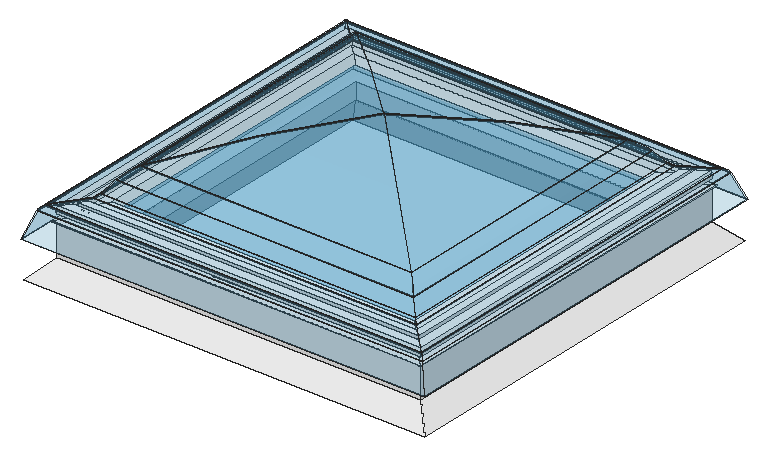
Revit family "CXP_Ver.2.5", category Windows, host Roof, Revit 2014
Parameters (values of type "CXP size 1000x1000 (100100)")
  g-value = "0.53"
  ZCE Visible = no
  ZCE Height = if(ZCE Visible, 160.00 mm, 0.00 mm)  # 0.00 mm
  Youtube clip = ""
  Within Standard Sizes = or(and(Width = 1180.00 mm, Height = 1180.00 mm), and(Width = 1380.00 mm, Height = 1080.00 mm), and(Width = 1380.00 mm, Height = 1380.00 mm))  # yes
  WindowArea m² = 2.08
  Window Opening Angle = if(Open Window, 60.00°, 0.00°)  # 0.00°
  Width Dome = Width - 180.00 mm  # 1000.00 mm
  Width = 1180.00 mm
  Water Tightness Class = "Passed"
  WarrantyStartDate = ""
  WarrantyGuarantorParts = ""
  WarrantyGuarantorLabour = ""
  WarrantyDurationParts = ""
  WarrantyDurationLabour = ""
  WarrantyDescription = ""
  Warranty Years = "10"
  VELUX Internal accessories = ""
  VELUX Installation products = ""
  VELUX External accessories = ""
  Ultraviolet Transmittance = "0.05"
  URL = "www.velux.com"
  ThermalTransmittance(window) W/(m²K) = 0.72
  ThermalTransmittance(glazing) W/(m²K) = 0.9
  ThermalTransmittance = "0.72"
  ThermalBridge(Installation) W/mK = 0.05
  Thermal Resistance (R) = "1.38888888888889"
  Technical description = "http://www.velux.co.uk/professional/products/flat-roof-windows/flat-roof-windows-dome/technical-details-exit"
  TagNumber = ""
  SustainabilityPerformance = ""
  Specification Link = ""
  Sound Insulation db = "37"
  SmokeStop = no
  Size = "CXP size 1000x1000 (100100)"
  Shape = ""
  ServiceLifeType = ""
  ServiceLifeDuration = ""
  SerialNumber = ""
  SecurityRating = ""
  Rough Width = 0.00 mm
  Rough Height = 0.00 mm
  ReplacementCost = ""
  ReferenceStandard = "www.velux.com/ce"
  Reference = ""
  ProductionYear = ""
  Product certification = "www.velux.com/ce"
  Process = ""
  Placement Height = 0.00 mm
  PerimeterWindow m = 4
  Operation Mode = "0"
  Opening Lines = yes
  Open Window = no
  Offset from Roof = Placement Height + 400.00 mm  # 400.00 mm
  NominalWidth = "1180"
  NominalLength = ""
  NominalHeight = "1180"
  ModelReference = "CXP size 1000x1000 (100100)"
  ModelLabel = ""
  Model = "Flat roof window - CXP"
  MethodOfMeasurement = ""
  Material Internal = PVC Color NCS S 0502-Y
  Material External = Acrylic/PVC Color NCS S 0502-Y
  Material = "Acrylic/PVC Color NCS S 0502-Y"
  Manufacturer URL = "VELUX A/S"
  Manufacturer = "VELUX A/S"  # constant formula
  Light transmittance = "0.72"
  LifeCyclePhase = ""
  Labeling - Environmental impact = ""
  IsExternal = yes
  InstallationDate = ""
  Installation instructions = "http://www.velux.co.uk/professional/products/installation-instructions#Flat roof windows"
  Infiltration = ""
  Height Dome = Height - 180.00 mm  # 1000.00 mm
  Height = 1180.00 mm
  Half Width = (Width / 2) - 2.51 mm  # 587.49 mm
  Half Height = (Height / 2) - 2.51 mm  # 587.49 mm
  Grade = ""
  GlazingAreaFraction = ""
  Glazing = 73FQT + ISD 0000
  GlassArea m² = 1.05
  Function = "Exit flat roof window"
  FireRating = "E"
  Finish = "PVC Color NCS S 0502-Y"
  Features = "Exit flat roof window"
  Emergency Exit = no
  Dome Profile Length = if((Half Width < Half Height), Half Width, Half Height)  # 587.49 mm
  Documentation = "http://www.professional.velux.co.uk/en-GB/Documents/Technical%20Specification%20sheets/V22%20Architects%20sheets%20updated/VELUX-Architects_CXP_Flat-Roof%20Exit-April2014.pdf"
  DocumentReference = ""
  Disclaimer = "When installing VELUX roof windows the costumer must make sure to meet local applicable building and fire requirements. VELUX shall not be liable for the objects/drawings and the constructional quality of the installation. Please contact VELUX for technical specifications of VELUX roof windows, flashings, installations products and internal/external accessories."
  Description = "http://www.velux.co.uk/products/flat-roof-windows/flat-roof-windows-dome"
  Date of publishing = ""
  Count = "1"
  Copyright = "VELUX A/S"  # constant formula
  Constituents = ""
  Colour = "Acrylic/PVC Color NCS S 0502-Y"
  CodePerformance = ""
  Coarse Profile = not(ZCE Visible)  # yes
  Chain Top Point = (Width / 2) + 37.00 mm  # 627.00 mm
  Chain Bottom Point = (Width / 6)  # 196.667 mm
  BarCode = ""
  AssetIdentifier = ""
  Assembly Code = "B3020110"
  Angle = if(Open Window, 66.00°, 0.00°)  # 0.00°
  Allowed Roof Slope = "0°-15°"
  Air permeability Class = "4"
  AcousticRating = "37"
  AccessibilityPerformance = ""
  2d details = "ttp://www.velux.co.uk/professional/products/cad-bim/product-sectional-drawings/flat-roof-windows"
Types (3, lengths in mm): name | Within Standard Sizes | WindowArea m² | Width Dome | Width | Size | PerimeterWindow m | NominalWidth | NominalHeight | ModelReference | Height Dome | Height | Half Width | Half Height | GlassArea m² | Dome Profile Length | Chain Top Point | Chain Bottom Point
  CXP size 900x1200 (090120) | no | 2.21 | 900.00 | 1080.00 | "CXP size 900x1200 (090120)" | 4.2 | "1380" | "1080" | "CXP size 900x1200 (090120)" | 1200.00 | 1380.00 | 537.49 | 687.49 | 1.13 | 537.49 | 577.00 | 180.00
  CXP size 1000x1000 (100100) | yes | 2.08 | 1000.00 | 1180.00 | "CXP size 1000x1000 (100100)" | 4 | "1180" | "1180" | "CXP size 1000x1000 (100100)" | 1000.00 | 1180.00 | 587.49 | 587.49 | 1.05 | 587.49 | 627.00 | 196.667
  CXP size 1200x1200 (120120) | yes | 2.79 | 1200.00 | 1380.00 | "CXP size 1200x1200 (120120)" | 4.8 | "1380" | "1380" | "CXP size 1200x1200 (120120)" | 1200.00 | 1380.00 | 687.49 | 687.49 | 1.57 | 687.49 | 727.00 | 230.00
Reference planes
  plane 1 "Center (Front/Back)": y = 0
  plane 2 "Roof": z = 4000
  plane 3 "Center (Left/Right)": x = 0
  plane 4: x = -500
  plane 5: y = 500
  plane 6: x = 500
  plane 7: y = -500
  plane 8 "Roof Top": z = 4150
  plane 9 "ZCE Top": z = 4150
  plane 10 "ZCE Reference": z = 4307.041
  plane 11: x = 303.333
  plane 12 "Bar Front": y = -516.001
  plane 13 "Bar Back": y = 516.001
  plane 14: z = 4286.72
  plane 15: x = 576.724
  plane 16 "ZCE Bottom": z = 4150
  plane 17: x = -590
  plane 18: x = 590
  plane 19: y = 590
  plane 20: y = -590
  plane 21 "Line": x = -429.263
  plane 22: z = 4550
Forms (mm)
  Sweep 1, solid, material "Acrylic/PVC Color NCS S 0502-Y" <- "Material External", detail levels fine
    path origin (1524, -4572, 4150) x (0, -1, 0) y (1, 0, 0)
      loop
        line (-4072, -1024) -> (-5072, -1024) -> (-5072, -2024) -> (-4072, -2024) -> (-4072, -1024)
    profile origin (500, 0, 4150) x (-1, 0, 0) y (0, 0, 1)
      loop
        line (29.543, 0) -> (69.194, 82.99) -> (4.499, 82.99) -> (4.499, 157.08)
        arc (4.499, 157.08) -> (3.427, 159.378) -> (0.978, 160.035) r 3
        line (0.978, 160.035) -> (-44.675, 151.985) -> (-44.501, 150) -> (-36.501, 150) -> (-36.501, 54.661) -> (-90, 0) -> (29.543, 0)
  Sweep 2, solid, material "Acrylic/PVC Color NCS S 0502-Y" <- "Material External", visible <- "ZCE Visible", detail levels medium+fine
    path origin (-1772.686, -4572, 4150) x (-1, 0, 0) y (0, -1, 0)
      loop
        line (-2262.686, -4082) -> (-2262.686, -5062) -> (-1282.686, -5062) -> (-1282.686, -4082) -> (-2262.686, -4082)
    profile origin (490, 0, 4150) x (-1, 0, 0) y (0, 0, 1)
      loop
        line (-6, 0) -> (-6, 160) -> (-100, 160) -> (-100, 9.474) -> (-210.795, 2.993) -> (-210.795, 0) -> (-6, 0)
  Sweep 3, solid, material "Acrylic/PVC Color NCS S 0502-Y" <- "Material External", detail levels medium
    path origin (1524, -4572, 4150) x (0, -1, 0) y (1, 0, 0)
      loop
        line (-4072, -1024) -> (-5072, -1024) -> (-5072, -2024) -> (-4072, -2024) -> (-4072, -1024)
    profile origin (500, 0, 4150) x (-1, 0, 0) y (0, 0, 1)
      loop
        line (29.543, 0) -> (69.194, 82.99) -> (4.499, 82.99) -> (4.499, 160.655) -> (-36.501, 153.426) -> (-36.501, 54.661) -> (-90, 0) -> (29.543, 0)
  Sweep 4, solid, material "Acrylic/PVC Color NCS S 0502-Y" <- "Material External", visible <- "ZCE Visible", detail levels coarse
    path origin (1524, -4572, 4150) x (0, -1, 0) y (1, 0, 0)
      loop
        line (-4072, -1024) -> (-5072, -1024) -> (-5072, -2024) -> (-4072, -2024) -> (-4072, -1024)
    profile origin (500, 0, 4150) x (-1, 0, 0) y (0, 0, 1)
      loop
        line (-36.501, 54.661) -> (-90, 0) -> (80.737, 0) -> (80.737, 143.38) -> (47.5, 143.38) -> (47.5, 167.38) -> (80.737, 167.38) -> (80.737, 205.273) -> (49.327, 205.273) -> (-36.501, 190.139) -> (-36.501, 54.661)
  Sweep 5, solid, material "Acrylic/PVC Color NCS S 0502-Y" <- "Material External", visible <- "ZCE Visible", detail levels coarse
    path origin (-1772.686, -4572, 4150) x (-1, 0, 0) y (0, -1, 0)
      loop
        line (-2272.686, -4072) -> (-2272.686, -5072) -> (-1272.686, -5072) -> (-1272.686, -4072) -> (-2272.686, -4072)
    profile origin (500, 0, 4150) x (-1, 0, 0) y (0, 0, 1)
      loop
        line (4, 0) -> (4, 160) -> (-90, 160) -> (-90, 0) -> (4, 0)
  Extrusion 6, solid, material "73FQT + ISD 0000" <- "Glazing", visible <- "ZCE Visible", detail levels coarse
    sketch origin (0, 0, 4307.041) x (-1, 0, 0) y (0, 1, 0)
      loop
        line (452.5, 452.5) -> (-452.5, 452.5) -> (-452.5, -452.5) -> (452.5, -452.5) -> (452.5, 452.5)
    from -10.339 to 13.661
  Extrusion 7, solid, material "73FQT + ISD 0000" <- "Glazing", detail levels coarse
    sketch origin (0, 0, 0) x (0, 1, 0) y (0, 0, 1)
      loop
        line (-2.51, 4534.828) -> (2.51, 4534.828) -> (2.51, 4537.853) -> (-2.51, 4537.853) -> (-2.51, 4534.828)
    from -2.51 to 2.51
  Sweep 8, solid, material "Acrylic/PVC Color NCS S 0502-Y" <- "Material External", visible <- "Coarse Profile", detail levels coarse
    path origin (1524, -4572, 4150) x (0, -1, 0) y (1, 0, 0)
      loop
        line (-4072, -1024) -> (-5072, -1024) -> (-5072, -2024) -> (-4072, -2024) -> (-4072, -1024)
    profile origin (500, 0, 4150) x (-1, 0, 0) y (0, 0, 1)
      loop
        line (-36.501, 54.661) -> (-90, 0) -> (80.737, 0) -> (80.737, 205.273) -> (49.327, 205.273) -> (-36.501, 190.139) -> (-36.501, 54.661)
  Extrusion 9, solid, visible <- "Coarse Profile", detail levels coarse
    sketch origin (0, 0, 4307.041) x (-1, 0, 0) y (0, 1, 0)
      loop
        line (419.263, 419.26) -> (-419.26, 419.26) -> (-419.26, -419.26) -> (419.263, -419.26) -> (419.263, 419.26)
    from -10.339 to 13.661
  Sweep 10, solid, material "73FQT + ISD 0000" <- "Glazing", detail levels coarse
    path origin (-210.029, -766.001, 4307.041) x (-1, 0, 0) y (0, -1, 0)
      loop
        line (379.971, -1356.001) -> (379.971, -176.001) -> (-800.029, -176.001) -> (-800.029, -1356.001) -> (379.971, -1356.001)
    profile origin (590, 0, 4307.041) x (1, 0, 0) y (0, 0, 1)
      loop
        line (-35.859, 36.826) -> (-112.741, 50.373)
        arc (-112.741, 50.373) -> (-120.029, 53.21) -> (-125.673, 58.626) r 20
        line (-125.673, 58.626) -> (-149.546, 92.846)
        arc (-149.546, 92.846) -> (-167.656, 112.547) -> (-190.342, 126.739) r 100
        line (-190.342, 126.739) -> (-191.578, 124.006)
        arc (-191.578, 124.006) -> (-169.573, 110.239) -> (-152.007, 91.129) r 97
        line (-152.007, 91.129) -> (-128.133, 56.909)
        arc (-128.133, 56.909) -> (-121.643, 50.681) -> (-113.261, 47.418) r 23
        line (-113.261, 47.418) -> (-36.38, 33.871)
        arc (-36.38, 33.871) -> (-28.409, 30.157) -> (-23.36, 22.957) r 17
        line (-23.36, 22.957) -> (3.333, -50.184) -> (6.527, -50.184) -> (-20.542, 23.986)
        arc (-20.542, 23.986) -> (-26.482, 32.456) -> (-35.859, 36.826) r 20
  Sweep 11, solid, material "73FQT + ISD 0000" <- "Glazing", detail levels coarse
    path origin (-210.029, -766.001, 4307.041) x (-1, 0, 0) y (0, -1, 0)
      loop
        line (379.971, -1356.001) -> (379.971, -176.001) -> (-800.029, -176.001) -> (-800.029, -1356.001) -> (379.971, -1356.001)
    profile origin (590, 0, 4307.041) x (1, 0, 0) y (0, 0, 1)
      loop
        arc (-587.49, 230.776) -> (-385.838, 190.507) -> (-190.34, 126.743) r 1740.915
        line (-190.34, 126.743) -> (-191.578, 124.006)
        arc (-191.578, 124.006) -> (-386.47, 187.572) -> (-587.49, 227.747) r 1737.915
        line (-587.49, 227.747) -> (-587.49, 230.861)
  Sweep 12, solid, material "Acrylic/PVC Color NCS S 0502-Y" <- "Material External", detail levels medium+fine
    path origin (0, -516.001, 4467.041) x (0, 0, 1) y (-1, 0, 0)
      loop
        line (-160, 89.686) -> (-149.647, -303.865)
    profile origin (107.09, -516.001, 4312.217) x (-0.026298, 0, 0.999654) y (0, -1, 0)
      loop
        circle (0, 0) r 5
  Sweep 13, solid, material "Acrylic/PVC Color NCS S 0502-Y" <- "Material External", detail levels medium+fine
    path origin (0, 516.001, 4467.041) x (0, 0, 1) y (-1, 0, 0)
      loop
        line (-160, 89.686) -> (-149.647, -303.865)
    profile origin (107.09, 516.001, 4312.217) x (0.026298, 0, -0.999654) y (0, 1, 0)
      loop
        circle (0, 0) r 5
Lines and regions (mm)
  Opening 1
    outline origin (0, 0, 4150) x (0, 1, 0) y (-1, 0, 0)
      loop
        line (490, 490) -> (-490, 490) -> (-490, -490) -> (490, -490) -> (490, 490)
  reference lines
    curve 1: line (369.565, 0, 4150) -> (-500, 0, 4150)
    curve 2: line (537.314, 0, 4150) -> (537.314, 0, 4565.816)
    curve 3: line (537.314, 0, 4000) -> (537.314, 500, 4000)
    curve 4: line (206.232, 747.424, 4150) -> (631.232, 747.424, 4150)
    curve 11: line (537.314, 0, 4307.041) -> (-89.686, 0, 4307.041)
    curve 12: line (-89.686, 0, 4307.041) -> (303.333, 0, 4317.38)
  model lines, visible <- "Opening Lines", detail levels coarse
    curve 5: line (419.26, 419.26, 4317.38) -> (-419.263, -10, 4317.38)
    curve 6: line (-419.263, -10, 4317.38) -> (419.26, -419.26, 4317.38)
  symbolic lines, visible <- "Opening Lines", detail levels medium+fine
    curve 7: line (437.893, 437.893, 4317.38) -> (-437.893, -10, 4317.38)
    curve 8: line (-437.893, -10, 4317.38) -> (437.893, -437.893, 4317.38)
  symbolic lines, visible <- "Opening Lines", detail levels coarse
    curve 9: line (419.26, 419.26, 4317.38) -> (-419.263, -10, 4317.38)
    curve 10: line (-419.263, -10, 4317.38) -> (419.26, -419.26, 4317.38)
Dimensions and locks
  equal spacing: host sketch curve, plane 3 "Center (Left/Right)", host sketch curve
  equal spacing: host sketch curve, plane 1 "Center (Front/Back)", host sketch curve
  equal spacing: plane 4, plane 3 "Center (Left/Right)", plane 6
  "Height": plane 17 to plane 18
  equal spacing: plane 5, plane 1 "Center (Front/Back)", plane 7
  "Width": plane 19 to plane 20
  locked: plane 6 to curve 3 at 37.314
  locked: curve 2 to plane 6 at 37.314
  locked: host roof to plane 8 "Roof Top"
  locked: plane 10 "ZCE Reference" to plane 9 "ZCE Top" at 157.041
  "Chain Bottom Point": plane 6 to plane 11
  locked: plane 7 to plane 12 "Bar Front" at 16.001
  locked: plane 13 "Bar Back" to plane 5 at 16.001
  locked: plane 14 to plane 9 "ZCE Top" at 136.72
  locked: plane 15 to plane 6 at 76.724
  plane 15 to curve 2 = 39.41 mm
  "ZCE Height": plane 9 "ZCE Top" to plane 16 "ZCE Bottom"
  locked: plane 6 to plane 18 at 90
  locked: plane 17 to plane 4 at 90
  locked: plane 20 to plane 7 at 90
  locked: plane 19 to plane 5 at 90
  locked: plane 4 to Extrusion 6 sketch curve at 47.5
  locked: Extrusion 6 sketch curve to plane 6 at 47.5
  locked: plane 5 to Extrusion 6 sketch curve at 47.5
  locked: plane 7 to Extrusion 6 sketch curve at 47.5
  locked: plane 4 to Extrusion 9 sketch curve at 80.737
  locked: plane 5 to Extrusion 9 sketch curve at 80.74
  locked: Extrusion 9 sketch curve to plane 6 at 80.74
  locked: plane 7 to Extrusion 9 sketch curve at 80.74
  locked: plane 4 to Opening 1 sketch curve at 10
  Opening 1 sketch curve to plane 6 = 10.00 mm
  locked: plane 7 to Opening 1 sketch curve at 10
  locked: plane 5 to Opening 1 sketch curve at 10
  locked: plane 22 to plane 16 "ZCE Bottom" at 400
  "Offset from Roof": plane 22 to plane 8 "Roof Top"
  locked: Sweep 10 sketch curve to profile plane at 39.33
  locked: Sweep 10 sketch curve to profile plane at 109.27
  locked: Sweep 10 sketch curve to profile plane at 231.56
  locked: Sweep 10 sketch curve to profile plane at 17.129
  locked: Sweep 10 sketch curve to profile plane at 35.629
  locked: Sweep 10 sketch curve to profile plane at 70.069
  "Dome Profile Length": Sweep 11 sketch curve to plane 18
  locked: Sweep 11 sketch curve to plane 10 "ZCE Reference" at 230.776
  "Chain Top Point": curve 12 to curve 11
  "Angle": angle curve 11 to plane 10 "ZCE Reference"
  aligned and locked: level to plane 2 "Roof"
  aligned: plane 9 "ZCE Top" to Sweep 1
  aligned and locked: Sweep 2 sketch curve to host roof  (x4)
  aligned: curve 1 to Sweep 1
  aligned and locked: plane 9 "ZCE Top" to Sweep 1 sketch curve
  aligned and locked: plane 1 "Center (Front/Back)" to nested 1
  aligned and locked: plane 16 "ZCE Bottom" to Sweep 2 sketch curve
  aligned and locked: Sweep 3 sketch curve to plane 4
  aligned and locked: Sweep 3 sketch curve to plane 5
  aligned and locked: plane 6 to Sweep 3 sketch curve
  aligned and locked: plane 7 to Sweep 3 sketch curve
  aligned and locked: Sweep 4 sketch curve to plane 4
  aligned and locked: Sweep 4 sketch curve to plane 5
  aligned and locked: plane 7 to Sweep 4 sketch curve
  aligned and locked: plane 6 to Sweep 4 sketch curve
  aligned and locked: plane 6 to Sweep 5 sketch curve
  aligned and locked: plane 5 to Sweep 5 sketch curve
  aligned and locked: plane 7 to Sweep 5 sketch curve
  aligned and locked: plane 4 to Sweep 5 sketch curve
  aligned and locked: Sweep 8 sketch curve to plane 4
  aligned and locked: Sweep 8 sketch curve to plane 5
  aligned and locked: plane 6 to Sweep 8 sketch curve
  aligned and locked: plane 7 to Sweep 8 sketch curve
  aligned and locked: Sweep 10 sketch curve to plane 19
  aligned and locked: plane 20 to Sweep 10 sketch curve
  aligned and locked: plane 18 to Sweep 10 sketch curve
  aligned and locked: Sweep 10 sketch curve to plane 17
  aligned and locked: Sweep 11 sketch curve to plane 17
  aligned and locked: plane 18 to Sweep 11 sketch curve
  aligned and locked: plane 20 to Sweep 11 sketch curve
  aligned and locked: Sweep 11 sketch curve to plane 19
  aligned and locked: Sweep 11 sketch curve to Sweep 10
  aligned and locked: curve 12 to Sweep 13 sketch curve
  aligned and locked: curve 11 to Sweep 13 sketch curve
  aligned and locked: curve 12 to Sweep 12 sketch curve
  aligned and locked: curve 11 to Sweep 12 sketch curve
  aligned and locked: Extrusion 7 to Sweep 11  (x4)
Automatic sketch dimensions
  plane 1 "Center (Front/Back)" to curve 3 = 0.00 mm
  curve 3 to plane 5 = 0.00 mm
  Opening 1 sketch curve to plane 7 = 10.00 mm
  Opening 1 sketch curve to plane 5 = 10.00 mm
  Sweep 1 sketch curve to plane 5 = 0.00 mm
  Sweep 1 sketch curve to plane 4 = 0.00 mm
  plane 7 to Sweep 1 sketch curve = 0.00 mm
  Sweep 1 sketch curve to plane 6 = 0.00 mm
  curve 4 to plane 9 "ZCE Top" = 0.00 mm
  curve 4 to plane 11 = 97.101 mm
  plane 6 to curve 4 = 131.232 mm
  profile plane to Sweep 1 sketch curve = 44.675 mm
  Sweep 1 sketch curve to Sweep 1 sketch curve = 0.174 mm
  Sweep 1 sketch curve to Sweep 1 sketch curve = 8.00 mm
  Sweep 1 sketch curve to profile plane = 0.978 mm
  Sweep 1 sketch curve to profile plane = 1.499 mm
  Sweep 1 sketch curve to profile plane = 4.499 mm
  profile plane to Sweep 1 sketch curve = 54.661 mm
  Sweep 1 sketch curve to Sweep 1 sketch curve = 28.329 mm
  Sweep 1 sketch curve to Sweep 1 sketch curve = 67.01 mm
  Sweep 1 sketch curve to Sweep 1 sketch curve = 1.985 mm
  Sweep 1 sketch curve to Sweep 1 sketch curve = 7.08 mm
  Sweep 1 sketch curve to profile plane = 29.543 mm
  Sweep 1 sketch curve to Sweep 1 sketch curve = 64.695 mm
  Sweep 1 sketch curve to Sweep 1 sketch curve = 53.499 mm
  profile plane to Sweep 2 sketch curve = 210.795 mm
  profile plane to Sweep 2 sketch curve = 100.00 mm
  profile plane to Sweep 2 sketch curve = 6.00 mm
  Sweep 2 sketch curve to Sweep 2 sketch curve = 2.993 mm
  Sweep 2 sketch curve to Sweep 2 sketch curve = 9.474 mm
  Sweep 2 sketch curve to Sweep 2 sketch curve = 160.00 mm
  Sweep 3 sketch curve to plane 9 "ZCE Top" = 0.00 mm
  profile plane to Sweep 3 sketch curve = 90.00 mm
  profile plane to Sweep 3 sketch curve = 36.501 mm
  Sweep 3 sketch curve to profile plane = 29.543 mm
  Sweep 3 sketch curve to Sweep 3 sketch curve = 64.695 mm
  Sweep 3 sketch curve to plane 9 "ZCE Top" = 54.661 mm
  Sweep 3 sketch curve to Sweep 3 sketch curve = 28.329 mm
  Sweep 3 sketch curve to profile plane = 4.499 mm
  Sweep 3 sketch curve to Sweep 3 sketch curve = 70.436 mm
  Sweep 3 sketch curve to Sweep 3 sketch curve = 7.229 mm
  Sweep 5 sketch curve to plane 16 "ZCE Bottom" = 0.00 mm
  profile plane to Sweep 5 sketch curve = 90.00 mm
  Sweep 5 sketch curve to profile plane = 4.00 mm
  plane 16 "ZCE Bottom" to Sweep 5 sketch curve = 160.00 mm
  Extrusion 7 sketch curve to Extrusion 7 sketch curve = 3.025 mm
  Extrusion 7 sketch curve to plane 10 "ZCE Reference" = 227.787 mm
  Sweep 8 sketch curve to plane 9 "ZCE Top" = 0.00 mm
  profile plane to Sweep 8 sketch curve = 90.00 mm
  profile plane to Sweep 8 sketch curve = 36.501 mm
  Sweep 8 sketch curve to profile plane = 80.737 mm
  Sweep 8 sketch curve to plane 9 "ZCE Top" = 54.661 mm
  Sweep 8 sketch curve to Sweep 8 sketch curve = 135.477 mm
  Sweep 8 sketch curve to Sweep 8 sketch curve = 15.135 mm
  Sweep 8 sketch curve to Sweep 8 sketch curve = 31.411 mm
  Sweep 4 sketch curve to plane 9 "ZCE Top" = 0.00 mm
  profile plane to Sweep 4 sketch curve = 90.00 mm
  profile plane to Sweep 4 sketch curve = 36.501 mm
  Sweep 4 sketch curve to profile plane = 47.50 mm
  Sweep 4 sketch curve to Sweep 4 sketch curve = 1.827 mm
  Sweep 4 sketch curve to profile plane = 80.737 mm
  Sweep 4 sketch curve to Sweep 4 sketch curve = 0.00 mm
  Sweep 4 sketch curve to plane 9 "ZCE Top" = 54.661 mm
  Sweep 4 sketch curve to Sweep 4 sketch curve = 88.719 mm
  Sweep 4 sketch curve to Sweep 4 sketch curve = 24.00 mm
  Sweep 4 sketch curve to Sweep 4 sketch curve = 22.759 mm
  Sweep 4 sketch curve to Sweep 4 sketch curve = 37.893 mm
  Extrusion 9 to curve 6 = 0.00 mm
  curve 6 to Extrusion 9 = 0.00 mm
  curve 9 to Extrusion 9 = 0.00 mm  (x2)
  curve 10 to Extrusion 9 = 0.00 mm
  Extrusion 9 to curve 7 = 18.633 mm  (x2)
  Extrusion 9 to curve 8 = 18.633 mm  (x2)
  Extrusion 9 to curve 8 = 18.631 mm
  curve 5 to Extrusion 9 = 429.26 mm
  curve 7 to curve 5 = 0.00 mm
  plane 1 "Center (Front/Back)" to Extrusion 7 sketch curve = 2.51 mm
  Extrusion 7 sketch curve to plane 1 "Center (Front/Back)" = 2.51 mm
  Sweep 10 sketch curve to Sweep 10 sketch curve = 0.00 mm  (x6)
  Sweep 10 sketch curve to Sweep 10 sketch curve = 81.072 mm
  Sweep 10 sketch curve to Sweep 10 sketch curve = 42.737 mm
  Sweep 10 sketch curve to Sweep 10 sketch curve = 2.46 mm  (x2)
  Sweep 10 sketch curve to plane 10 "ZCE Reference" = 56.909 mm
  Sweep 10 sketch curve to Sweep 10 sketch curve = 18.863 mm
  Sweep 10 sketch curve to plane 10 "ZCE Reference" = 58.626 mm
  Sweep 10 sketch curve to plane 10 "ZCE Reference" = 47.418 mm
  Sweep 10 sketch curve to plane 10 "ZCE Reference" = 50.373 mm
  Sweep 10 sketch curve to Sweep 10 sketch curve = 2.95 mm
  Sweep 10 sketch curve to Sweep 10 sketch curve = 0.521 mm
  Sweep 10 sketch curve to Sweep 10 sketch curve = 13.02 mm
  Sweep 10 sketch curve to Sweep 10 sketch curve = 2.818 mm
  Sweep 10 sketch curve to Sweep 10 sketch curve = 5.828 mm
  Sweep 10 sketch curve to Sweep 10 sketch curve = 1.029 mm
  Sweep 10 sketch curve to Sweep 10 sketch curve = 34.22 mm
  Sweep 10 sketch curve to Sweep 10 sketch curve = 1.717 mm
  Sweep 10 sketch curve to Sweep 10 sketch curve = 1.237 mm
  Sweep 10 sketch curve to profile plane = 3.333 mm
  Sweep 10 sketch curve to Sweep 10 sketch curve = 3.194 mm
  plane 10 "ZCE Reference" to Sweep 10 sketch curve = 50.184 mm
  Sweep 12 sketch curve to plane 12 "Bar Front" = 0.00 mm
  Sweep 12 sketch curve to profile plane = 0.00 mm
  plane 13 "Bar Back" to Sweep 13 sketch curve = 0.00 mm
  Sweep 13 sketch curve to profile plane = 0.00 mm
  plane 11 to Sweep 12 sketch curve = 0.532 mm
  Sweep 13 sketch curve to plane 11 = 0.532 mm
  plane 4 to curve 1 = 0.00 mm
  plane 11 to curve 12 = 0.00 mm
  curve 1 to plane 8 "Roof Top" = 0.00 mm
  curve 11 to plane 10 "ZCE Reference" = 0.00 mm
  plane 11 to curve 1 = 66.232 mm
  curve 12 to plane 10 "ZCE Reference" = 10.339 mm
  plane 22 to curve 2 = 15.816 mm
  Sweep 11 sketch curve to Sweep 11 sketch curve = 0.00 mm  (x2)
  profile plane to Sweep 11 sketch curve = 826.985 mm
  Sweep 11 sketch curve to plane 10 "ZCE Reference" = 124.006 mm
  Sweep 11 sketch curve to plane 10 "ZCE Reference" = 126.743 mm
  Sweep 11 sketch curve to Sweep 11 sketch curve = 0.085 mm
  radius of Sweep 12 sketch curve = 5.00 mm
  radius of Sweep 13 sketch curve = 5.00 mm
Nested families
  nested 1: "CXP v.22_Openable" at (0, 0, 4150), built-in parameter 1001364 <- "ZCE Height", type "CXP v.22_Openable"
    with Width 1000.00 mm, Height 1000.00 mm, Half Width 497.49 mm, Half Height 497.49 mm, Dome Profile Length Addition 573.40 mm, Dome Profile Length 497.49 mm
Definition of nested family "CXP v.22_Openable"
  Parameters (values of type "CXP v.22_Openable")
    Width = 1200.00 mm
    Rough Width = 0.00 mm
    Rough Height = 0.00 mm
    Opening Lines = yes
    Material Internal = PVC Color NCS S 0502-Y
    Height = 1200.00 mm
    Half Width = (Width / 2) - 2.51 mm  # 597.49 mm
    Half Height = (Height / 2) - 2.51 mm  # 597.49 mm
    Glazing = 73FQT + ISD 0000
    Dome Profile Length Addition = Dome Profile Length + 75.91 mm  # 673.40 mm
    Dome Profile Length = if((Half Width < Half Height), Half Width, Half Height)  # 597.49 mm
    Angle = 0.00°
  Reference planes
    plane 1 "Center (Front/Back)": y = 0
    plane 2: z = 0
    plane 3 "Center (Left/Right)": x = 0
    plane 4: x = -600
    plane 5: x = 600
    plane 6: z = 136.72
    plane 7: x = 675.91
    plane 8: y = 687.506
    plane 9: y = -687.506
  Forms (mm)
    Sweep 1, solid, material "73FQT + ISD 0000" <- "Glazing", detail levels medium+fine
      path origin (675.91, 0, 136.72) x (-1, 0, 0) y (0, -1, 0)
        loop
          line (75.91, 600) -> (75.91, -600) -> (1275.91, -600) -> (1275.91, 600) -> (75.91, 600)
      profile origin (600, 0, 136.72) x (-1, 0, 0) y (0, 0, 1)
        loop
          line (-96.527, -29.863) -> (-93.333, -29.863) -> (-66.64, 43.278)
          arc (-66.64, 43.278) -> (-61.591, 50.478) -> (-53.62, 54.192) r 17
          line (-53.62, 54.192) -> (23.261, 67.739)
          arc (23.261, 67.739) -> (31.643, 71.002) -> (38.133, 77.23) r 23
          line (38.133, 77.23) -> (62.007, 111.45)
          arc (62.007, 111.45) -> (79.573, 130.56) -> (101.578, 144.327) r 97
          line (101.578, 144.327) -> (100.342, 147.06)
          arc (100.342, 147.06) -> (77.656, 132.867) -> (59.546, 113.167) r 100
          line (59.546, 113.167) -> (35.673, 78.947)
          arc (35.673, 78.947) -> (30.029, 73.531) -> (22.741, 70.693) r 20
          line (22.741, 70.693) -> (-54.141, 57.147)
          arc (-54.141, 57.147) -> (-63.518, 52.777) -> (-69.458, 44.307) r 20
          line (-69.458, 44.307) -> (-96.527, -29.863)
    Sweep 2, solid, material "73FQT + ISD 0000" <- "Glazing", detail levels medium+fine
      path origin (675.91, 0, 136.72) x (-1, 0, 0) y (0, -1, 0)
        loop
          line (75.91, 600) -> (75.91, -600) -> (1275.91, -600) -> (1275.91, 600) -> (75.91, 600)
      profile origin (600, 0, 136.72) x (-1, 0, 0) y (0, 0, 1)
        loop
          line (100.34, 147.064) -> (101.578, 144.327)
          arc (101.578, 144.327) -> (346.075, 212.745) -> (597.49, 248.104) r 1908.468
          line (597.49, 248.104) -> (597.49, 251.105)
          arc (597.49, 251.105) -> (345.444, 215.671) -> (100.34, 147.064) r 1911.461
    Sweep 3, solid, material "PVC Color NCS S 0502-Y" <- "Material Internal", detail levels fine
      path origin (675.91, 0, 136.72) x (-1, 0, 0) y (0, -1, 0)
        loop
          line (75.91, 600) -> (75.91, -600) -> (1275.91, -600) -> (1275.91, 600) -> (75.91, 600)
      profile origin (600, 0, 136.72) x (1, 0, 0) y (0, 0, 1)
        loop
          line (35.213, 53.524) -> (11.282, 57.743) -> (9.199, 45.925) -> (0.335, 47.488) -> (2.419, 59.306) -> (-14.027, 62.206) -> (-16.106, 50.418) -> (-53.595, 57.029) -> (-62.416, 34.048) -> (-36.416, 34.048) -> (-36.416, 2.448) -> (-80.582, 2.448) -> (-75.117, -49.552) -> (-54.916, -49.552) -> (-54.916, -40.752) -> (-20.916, -40.752) -> (-20.916, -22.252) -> (-12.416, -22.252) -> (-12.416, 30.445) -> (-2.417, 38.835) -> (36.786, 31.922) -> (38.349, 40.786) -> (21.016, 43.842) -> (21.885, 48.766) -> (37.212, 46.063) -> (35.213, 53.524)
    Sweep 4, solid, material "PVC Color NCS S 0502-Y" <- "Material Internal", detail levels medium
      path origin (675.91, 0, 136.72) x (-1, 0, 0) y (0, -1, 0)
        loop
          line (1275.91, -600) -> (1275.91, 600) -> (75.91, 600) -> (75.91, -600) -> (1275.91, -600)
      profile origin (600, 0, 136.72) x (1, 0, 0) y (0, 0, 1)
        loop
          line (-36.494, 2.448) -> (-80.66, 2.448) -> (-75.194, -49.552) -> (-12.494, -49.552) -> (-12.494, 40.598) -> (36.708, 31.922) -> (40.355, 52.603) -> (-49.303, 68.413) -> (-62.494, 34.048) -> (-36.494, 34.048) -> (-36.494, 2.448)
    Extrusion 5, solid, material "73FQT + ISD 0000" <- "Glazing", detail levels fine
      sketch origin (675.91, 0, 136.72) x (-1, 0, 0) y (0, -1, 0)
        loop
          line (1275.91, 600) -> (75.91, 600) -> (75.91, -600) -> (1275.91, -600) -> (1275.91, 600)
      from 6.66 to 10.66
    Extrusion 6, solid, material "73FQT + ISD 0000" <- "Glazing", detail levels fine
      sketch origin (675.91, 0, 136.72) x (-1, 0, 0) y (0, -1, 0)
        loop
          line (1275.91, 600) -> (75.91, 600) -> (75.91, -600) -> (1275.91, -600) -> (1275.91, 600)
      from 26.66 to 30.66
    Extrusion 7, solid, material "73FQT + ISD 0000" <- "Glazing", detail levels medium
      sketch origin (675.91, 0, 136.72) x (-1, 0, 0) y (0, -1, 0)
        loop
          line (1275.91, 600) -> (75.91, 600) -> (75.91, -600) -> (1275.91, -600) -> (1275.91, 600)
      from 6.66 to 30.66
    Extrusion 8, solid, material "73FQT + ISD 0000" <- "Glazing", detail levels medium+fine
      sketch origin (675.91, 0, 136.72) x (-1, 0, 0) y (0, -1, 0)
        loop
          line (678.42, -2.51) -> (678.42, 2.51) -> (673.4, 2.51) -> (673.4, -2.51) -> (678.42, -2.51)
      from 248.104 to 251.105
  Lines and regions (mm)
    reference lines
      curve 1: line (675.91, 0, 136.72) -> (-824.09, 0, 136.72)
      curve 2: line (675.91, 0, 136.72) -> (675.91, 0, 976.72)
      curve 3: line (675.91, 0, 976.72) -> (2.51, 0, 976.72)
    model lines, visible <- "Opening Lines", detail levels medium+fine
      curve 4: line (537.506, 537.506, 167.38) -> (-537.506, 0, 167.38)
      curve 5: line (-537.506, 0, 167.38) -> (537.506, -537.506, 167.38)
  Dimensions and locks
    equal spacing: plane 4, plane 3 "Center (Left/Right)", plane 5
    "Height": plane 4 to plane 5
    locked: plane 6 to level at 136.72
    "Dome Profile Length Addition": curve 3 to curve 3
    locked: plane 5 to plane 7 at 75.91
    equal spacing: Sweep 1 sketch curve, curve 1, Sweep 1 sketch curve
    "Width": Sweep 1 sketch curve to Sweep 1 sketch curve
    locked: Sweep 1 sketch curve to curve 2 at 75.91
    "Height": Sweep 1 sketch curve to Sweep 1 sketch curve
    locked: profile plane to Sweep 1 sketch curve at 19.27
    locked: Sweep 1 sketch curve to profile plane at 50.67
    locked: profile plane to Sweep 1 sketch curve at 141.56
    locked: Sweep 1 sketch curve to profile plane at 55.95
    locked: Sweep 1 sketch curve to profile plane at 90.39
    locked: Sweep 1 sketch curve to profile plane at 37.45
    equal spacing: Sweep 2 sketch curve, curve 1, Sweep 2 sketch curve
    "Width": Sweep 2 sketch curve to Sweep 2 sketch curve
    "Height": Sweep 2 sketch curve to Sweep 2 sketch curve
    locked: Sweep 2 sketch curve to curve 2 at 75.91
    equal spacing: Sweep 3 sketch curve, curve 1, Sweep 3 sketch curve
    "Width": Sweep 3 sketch curve to Sweep 3 sketch curve
    locked: Sweep 3 sketch curve to curve 2 at 75.91
    "Height": Sweep 3 sketch curve to Sweep 3 sketch curve
    equal spacing: Sweep 4 sketch curve, curve 1, Sweep 4 sketch curve
    "Width": Sweep 4 sketch curve to Sweep 4 sketch curve
    locked: Sweep 4 sketch curve to curve 2 at 75.91
    "Height": Sweep 4 sketch curve to Sweep 4 sketch curve
    equal spacing: Extrusion 5 sketch curve, curve 1, Extrusion 5 sketch curve
    "Width": Extrusion 5 sketch curve to Extrusion 5 sketch curve
    locked: Extrusion 5 sketch curve to curve 2 at 75.91
    "Height": Extrusion 5 sketch curve to Extrusion 5 sketch curve
    equal spacing: Extrusion 6 sketch curve, curve 1, Extrusion 6 sketch curve
    "Width": Extrusion 6 sketch curve to Extrusion 6 sketch curve
    locked: Extrusion 6 sketch curve to curve 2 at 75.91
    "Height": Extrusion 6 sketch curve to Extrusion 6 sketch curve
    equal spacing: Extrusion 7 sketch curve, curve 1, Extrusion 7 sketch curve
    "Width": Extrusion 7 sketch curve to Extrusion 7 sketch curve
    locked: Extrusion 7 sketch curve to curve 2 at 75.91
    "Height": Extrusion 7 sketch curve to Extrusion 7 sketch curve
    equal spacing: plane 9, curve 5, plane 8
    "Angle": angle curve 1 to plane 6
    aligned and locked: plane 7 to curve 1
    aligned and locked: plane 6 to curve 1
    aligned and locked: Sweep 2 sketch curve to Sweep 1
    aligned and locked: curve 3 to Sweep 2 sketch curve
    aligned and locked: Extrusion 8 sketch curve to Sweep 2  (x4)
  Automatic sketch dimensions
    Sweep 1 sketch curve to Sweep 1 sketch curve = 0.00 mm  (x9)
    Sweep 1 sketch curve to Sweep 1 sketch curve = 2.95 mm
    Sweep 1 sketch curve to Sweep 1 sketch curve = 15.838 mm
    Sweep 1 sketch curve to profile plane = 29.863 mm
    Sweep 1 sketch curve to Sweep 1 sketch curve = 27.069 mm
    Sweep 1 sketch curve to Sweep 1 sketch curve = 3.991 mm
    Sweep 1 sketch curve to Sweep 1 sketch curve = 12.412 mm
    Sweep 1 sketch curve to Sweep 1 sketch curve = 2.46 mm  (x2)
    Sweep 1 sketch curve to Sweep 1 sketch curve = 23.874 mm
    Sweep 1 sketch curve to Sweep 1 sketch curve = 38.335 mm
    Sweep 1 sketch curve to Sweep 1 sketch curve = 1.237 mm
    Sweep 1 sketch curve to Sweep 1 sketch curve = 6.857 mm
    Sweep 1 sketch curve to Sweep 1 sketch curve = 16.742 mm
    Sweep 1 sketch curve to Sweep 1 sketch curve = 22.651 mm
    Sweep 1 sketch curve to Sweep 1 sketch curve = 1.717 mm
    Sweep 1 sketch curve to Sweep 1 sketch curve = 34.22 mm
    Sweep 1 sketch curve to Sweep 1 sketch curve = 2.733 mm
    Sweep 1 sketch curve to Sweep 1 sketch curve = 0.521 mm  (x2)
    Sweep 1 sketch curve to Sweep 1 sketch curve = 2.818 mm
    Sweep 1 sketch curve to Sweep 1 sketch curve = 3.194 mm
    Sweep 2 sketch curve to profile plane = 736.985 mm
    profile plane to Sweep 2 sketch curve = 248.104 mm
    Sweep 2 sketch curve to profile plane = 100.34 mm
    Sweep 2 sketch curve to Sweep 2 sketch curve = 1.238 mm
    Sweep 2 sketch curve to Sweep 2 sketch curve = 0.00 mm  (x2)
    profile plane to Sweep 3 sketch curve = 80.582 mm
    Sweep 3 sketch curve to profile plane = 49.552 mm
    Sweep 3 sketch curve to Sweep 3 sketch curve = 5.465 mm
    Sweep 3 sketch curve to Sweep 3 sketch curve = 18.165 mm
    Sweep 3 sketch curve to Sweep 3 sketch curve = 20.20 mm
    Sweep 3 sketch curve to Sweep 3 sketch curve = 8.821 mm
    Sweep 3 sketch curve to Sweep 3 sketch curve = 26.00 mm
    Sweep 3 sketch curve to Sweep 3 sketch curve = 15.50 mm
    Sweep 3 sketch curve to Sweep 3 sketch curve = 20.311 mm
    Sweep 3 sketch curve to Sweep 3 sketch curve = 2.079 mm
    Sweep 3 sketch curve to Sweep 3 sketch curve = 8.50 mm
    Sweep 3 sketch curve to Sweep 3 sketch curve = 9.999 mm
    Sweep 3 sketch curve to Sweep 3 sketch curve = 2.753 mm
    Sweep 3 sketch curve to Sweep 3 sketch curve = 2.084 mm  (x2)
    Sweep 3 sketch curve to Sweep 3 sketch curve = 8.864 mm
    Sweep 3 sketch curve to Sweep 3 sketch curve = 8.863 mm  (x2)
    Sweep 3 sketch curve to Sweep 3 sketch curve = 11.817 mm
    Sweep 3 sketch curve to Sweep 3 sketch curve = 0.868 mm
    Sweep 3 sketch curve to Sweep 3 sketch curve = 13.329 mm
    Sweep 3 sketch curve to Sweep 3 sketch curve = 15.77 mm
    Sweep 3 sketch curve to Sweep 3 sketch curve = 1.999 mm
    Sweep 3 sketch curve to Sweep 3 sketch curve = 1.137 mm
    Sweep 3 sketch curve to Sweep 3 sketch curve = 8.80 mm
    Sweep 3 sketch curve to Sweep 3 sketch curve = 18.50 mm
    Sweep 3 sketch curve to Sweep 3 sketch curve = 43.20 mm
    Sweep 3 sketch curve to Sweep 3 sketch curve = 27.997 mm
    Sweep 3 sketch curve to Sweep 3 sketch curve = 3.603 mm
    Sweep 3 sketch curve to Sweep 3 sketch curve = 8.39 mm
    Sweep 3 sketch curve to Sweep 3 sketch curve = 3.056 mm
    Sweep 3 sketch curve to Sweep 3 sketch curve = 5.278 mm
    Sweep 3 sketch curve to Sweep 3 sketch curve = 1.563 mm  (x2)
    Sweep 3 sketch curve to Sweep 3 sketch curve = 4.924 mm
    Sweep 3 sketch curve to Sweep 3 sketch curve = 2.93 mm
    Sweep 3 sketch curve to Sweep 3 sketch curve = 7.46 mm
    Sweep 3 sketch curve to Sweep 3 sketch curve = 22.981 mm
    Sweep 3 sketch curve to Sweep 3 sketch curve = 11.818 mm
    Sweep 3 sketch curve to Sweep 3 sketch curve = 11.788 mm
    profile plane to Sweep 3 sketch curve = 31.922 mm
    profile plane to Sweep 4 sketch curve = 80.66 mm
    Sweep 4 sketch curve to Sweep 4 sketch curve = 5.465 mm
    Sweep 4 sketch curve to Sweep 4 sketch curve = 18.165 mm
    Sweep 4 sketch curve to Sweep 4 sketch curve = 13.191 mm
    Sweep 4 sketch curve to Sweep 4 sketch curve = 26.00 mm
    Sweep 4 sketch curve to Sweep 4 sketch curve = 24.00 mm
    Sweep 4 sketch curve to Sweep 4 sketch curve = 3.647 mm
    Sweep 4 sketch curve to profile plane = 49.552 mm
    Sweep 4 sketch curve to Sweep 4 sketch curve = 52.00 mm
    Sweep 4 sketch curve to Sweep 4 sketch curve = 29.474 mm
    Sweep 4 sketch curve to Sweep 4 sketch curve = 31.60 mm
    Sweep 4 sketch curve to Sweep 4 sketch curve = 6.55 mm
    Sweep 4 sketch curve to Sweep 4 sketch curve = 20.68 mm
    Sweep 4 sketch curve to Sweep 4 sketch curve = 34.365 mm
    Sweep 4 sketch curve to profile plane = 36.708 mm
    curve 5 to Extrusion 7 = 62.494 mm  (x3)
    curve 4 to Extrusion 7 = 62.494 mm  (x2)
    curve 2 to curve 1 = 0.00 mm  (x2)
    curve 2 to curve 1 = 840.00 mm
